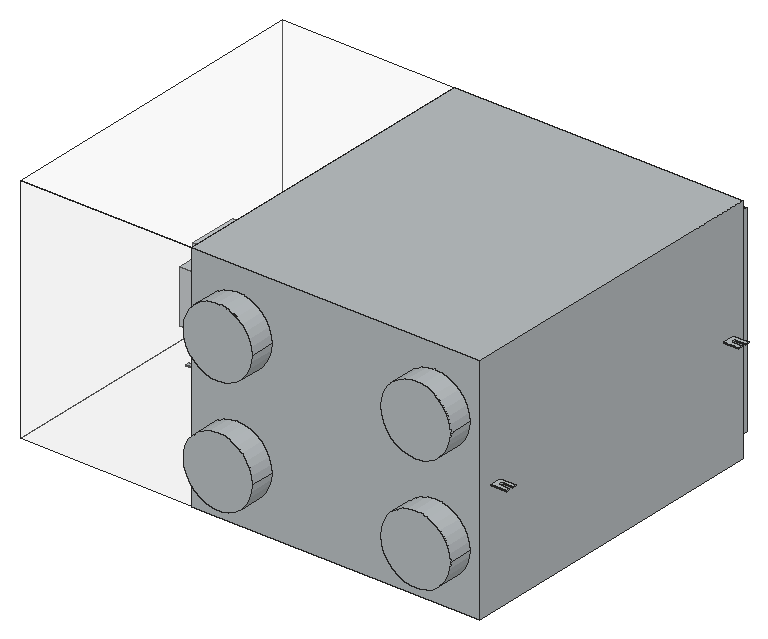
Revit family "lgh-n150_200rxv2d-c_60Hz", category 機械設備, Revit 2019
Family settings
  丸型コネクタ寸法 = 直径を使用
  パーツ タイプ = 標準
  OmniClass 番号 = 23.75.10.34.21
  OmniClass タイトル = Heat Exchangers for Ventilation Air
  作業面ベース = いいえ
  常に垂直 = はい
  ロード時にボイドで切り取り = いいえ
  共有 = いいえ
  部屋計算ポイント = はい
Parameters (values of type "LGH-N150RXV2D-C")
  騒音レベル(dB(A)) = 38.5
  風量 = 1500.0 m³/h
  面風速 = 8.5 m/s
  電源種別 [instance] = "一般"
  電圧 = 200 V
  電動機出力 = 0 W
  集中コントローラ = ""
  運転質量 = 0.00 kg
  連動 [instance] = ""
  質量 = if(製品質量 > 運転質量, 製品質量, 運転質量) * 1.2  # 128.40 kg
  負荷分類 = 3_ファン類
  説明 = "業務用ロスナイ 天井埋込形 DCマイコン CO2センサー付"
  設計風量 = 0.0 m³/h
  設置方法 = "天井吊(隠ぺい)形"
  記号 [instance] = ""
  製造元 = "三菱電機株式会社"
  製品質量 = 107.00 kg
  製品出荷対象 = "国内"
  製品リリース年月 = "2023/5/15"
  製品グループ = ""
  系統 [instance] = ""
  符号 = "HEU"
  積算_科目 = "1 空気調和設備"
  積算_拾い区分 [instance] = ""
  相 = 1
  盤記号 [instance] = ""
  発停方法 [instance] = ""
  特殊仕様 [instance] = ""
  点検口高さ = -Height  # -808 mm
  点検口離隔 = 150 mm
  点検口_Depth = 450 mm
  点検口 = yes
  火災停止 [instance] = ""
  温度交換効率 = 74.00%
  消費電力 = 900 W
  法定耐用年数 = "15"
  機外静圧_排気 = 275.0 Pa
  機外静圧 = 275.0 Pa
  極数 = 3
  材質 [instance] = ""
  本体マテリアル = 溶融亜鉛めっき鋼板
  操作・制御方式 = ""
  操作・制御スイッチ = ""
  排気量 = 0.0 m³/h
  形式 = "天井埋込ダクト形"
  幹線記号 [instance] = ""
  対象室 [instance] = ""
  実風量 = 0.0 m³/h
  始動方式 [instance] = "直入"
  天吊金具_径 = 15 mm
  天吊金具_幅 = 30 mm
  外気量 = 0.0 m³/h
  呼称 = "全熱交換ユニット"
  周波数 = 60 Hz
  天吊金具ピッチ2 = 1015 mm
  天吊金具ピッチ1 = 1057 mm
  天吊金具_高さ = 404 mm
  参照している仕様書等のバージョン = ""
  初期抵抗 = 0.0 Pa
  分類コード = "50052504100070"
  分類グループ = ""
  価格 = 1755000
  企業コード = "108420"
  付属品_フィルター_還気 = ""
  付属品_フィルター = ""
  付属品 [instance] = ""
  仕様書バージョン = "Version1.0"
  モデル = "LGH-N150RXV2D-C"
  メンテナンススペース = yes
  ダクト高 = 700 mm
  ダクト径 = 250 mm
  ダクト幅 = 270 mm
  コメント [instance] = ""
  Keynote = ""
  エンタルピ交換効率_暖房 = 76.00%
  エンタルピ交換効率_冷房 = 66.00%
  Assembly Code = ""
  Width = 1004 mm
  Version = ""
  Uniclass2015Version = "Systems v1.9"
  Uniclass2015Title = "Thermal wheels"
  Uniclass2015Code = "Pr_60_60_36_88"
  URL = "https://www.mitsubishielectric.co.jp/ldg/wink/qr/002/324425/"
  SpecificationReference = ""
  SpecificationDescription = ""
  Sensor_Width = 184 mm
  Sensor_D = 176 mm
  Sensor_Height = 183 mm
  Sensor_H = 201 mm
  Sensor_Depth = 115 mm
  SMAX風量 = 1500.0 m³/h
  SMAX静圧 = 275.0 Pa
  SAサイズ_D = 242 mm
  Revision = ""
  RAサイズ_D = 242 mm
  ProductInformation = ""
  OmniClassCode = "23-27 23 19 11"
  OAサイズ_W = 270 mm
  OAサイズ_D = 700 mm
  MIN風量 = 660.0 m³/h
  MIN静圧 = 47.0 Pa
  MID風量 = 1080.0 m³/h
  MID静圧 = 127.0 Pa
  MAX風量 = 1500.0 m³/h
  MAX静圧 = 245.0 Pa
  IfcTypeProduct = ""
  IfcProduct = ""
  IfcExportType = "ROTARYWHEEL"
  IfcExportAs = "IfcAirToAirHeatRecoveryType"
  Height = 808 mm
  EAサイズ_W = 270 mm
  EAサイズ_D = 700 mm
  Duct_Pitch = 690 mm
  Duct_Height = 202 mm
  Duct_Depth_SA_RA = 84 mm
  Duct_Depth_OA_EA = 49 mm
  Depth = 1144 mm
  Clearance Top = 0 mm
  Clearance Left = 600 mm
  Clearance Bottom = 0 mm
  Box_Width = 115 mm
  Box_Height = 669 mm
  Box_H = 88 mm
  Box_Depth = 175 mm
  Box_D = 145 mm
  Author = "三菱電機株式会社"
Types (2, lengths in mm): name | 騒音レベル(dB(A)) | 風量 | 面風速 | 質量 | 製品質量 | 温度交換効率 | 消費電力 | 機外静圧_排気 | 機外静圧 | 天吊金具ピッチ1 | 価格 | モデル | エンタルピ交換効率_暖房 | エンタルピ交換効率_冷房 | Width | URL | SMAX風量 | SMAX静圧 | MIN風量 | MIN静圧 | MID風量 | MID静圧 | MAX風量 | MAX静圧 | Duct_Pitch
  LGH-N150RXV2D-C | 38.5 | 1500.0 m³/h | 8.5 m/s | 128.40 kg | 107.00 kg | 74.00% | 900 W | 275.0 Pa | 275.0 Pa | 1057 | 1755000 | "LGH-N150RXV2D-C" | 76.00% | 66.00% | 1004 | "https://www.mitsubishielectric.co.jp/ldg/wink/qr/002/324425/" | 1500.0 m³/h | 275.0 Pa | 660.0 m³/h | 47.0 Pa | 1080.0 m³/h | 127.0 Pa | 1500.0 m³/h | 245.0 Pa | 690
  LGH-N200RXV2D-C | 41 | 2000.0 m³/h | 11.3 m/s | 140.40 kg | 117.00 kg | 73.00% | 1160 W | 225.0 Pa | 225.0 Pa | 1284 | 1951000 | "LGH-N200RXV2D-C" | 75.00% | 65.00% | 1231 | "https://www.mitsubishielectric.co.jp/ldg/wink/qr/002/324427/" | 2000.0 m³/h | 225.0 Pa | 880.0 m³/h | 32.0 Pa | 1440.0 m³/h | 86.0 Pa | 2000.0 m³/h | 165.0 Pa | 917
Reference planes
  plane 1 "中心(正面/背面)": y = 0
  plane 2: z = 0
  plane 3 "中心(左/右)": x = 0
  plane 4: x = -502
  plane 5: x = 502
  plane 6: y = 572
  plane 7: y = -572
  plane 8: z = -808
  plane 9: z = -202
  plane 10: x = -345
  plane 11: x = 345
  plane 12: y = -656
  plane 13: y = 621
  plane 14: x = -586
  plane 15: x = 586
  plane 16: x = -1102
  plane 17: y = -427
  plane 18: y = -252
  plane 19: z = -88
  plane 20: z = -757
  plane 21: x = -617
  plane 22: x = -652
  plane 23: y = 225
  plane 24: x = -528.5
  plane 25: x = 528.5
  plane 26: y = 507.5
  plane 27: y = -507.5
  plane 28: y = -225
  plane 29: x = -558.5
  plane 30: y = 527.5
  plane 31: y = 487.5
  plane 32: y = -487.5
  plane 33: y = -527.5
  plane 34: z = -5
  plane 35: z = -404
  plane 36: z = -407
  plane 37: x = 558.5
  plane 38: z = -404
  plane 39: x = 480
  plane 40: x = 210
  plane 41: x = -480
  plane 42: x = -210
  plane 43: z = -54
  plane 44: z = -754
  plane 45: z = -54
  plane 46: z = -754
  plane 47: z = -606
  plane 48: y = -396
  plane 49: y = -281
  plane 50: z = -201
  plane 51: z = -384
  plane 52: x = -686
  plane 53: z = 0
  plane 54: z = -808
Forms (mm)
  Extrusion 1, solid, material "溶融亜鉛めっき鋼板" <- "本体マテリアル", detail levels fine
    sketch origin (0, 0, 0) x (1, 0, 0) y (0, 1, 0)
      loop
        line (-502, 572) -> (-502, -572) -> (502, -572) -> (502, 572) -> (-502, 572)
    from 0 to -808
  Extrusion 2, solid, material "溶融亜鉛めっき鋼板" <- "本体マテリアル", detail levels fine
    sketch origin (502, -572, 0) x (-1, 0, 0) y (0, 0, -1)
      loop
        circle (847, 202) r 121
    from 0 to 84
  Extrusion 3, solid, material "溶融亜鉛めっき鋼板" <- "本体マテリアル", detail levels fine
    sketch origin (510, -445, 0) x (-1, 0, 0) y (0, 0, -1)
      loop
        circle (165, 202) r 121
    from 127 to 211
  Extrusion 4, solid, material "溶融亜鉛めっき鋼板" <- "本体マテリアル", detail levels fine
    sketch origin (-502, -572, 0) x (0, 1, 0) y (0, 0, -1)
      loop
        line (320, 88) -> (320, 757) -> (145, 757) -> (145, 88) -> (320, 88)
    from 0 to 115
  Extrusion 5, solid, material "溶融亜鉛めっき鋼板" <- "本体マテリアル", detail levels fine
    sketch origin (0, 0, 0) x (1, 0, 0) y (0, 1, 0)
      loop
        line (-558.5, 527.5) -> (-558.5, 515) -> (-528.5, 515)
        arc (-528.5, 515) -> (-521, 507.5) -> (-528.5, 500) r 7.5
        line (-528.5, 500) -> (-558.5, 500) -> (-558.5, 487.5) -> (-502, 487.5) -> (-502, 527.5) -> (-558.5, 527.5)
    from -404 to -407
  Extrusion 6, solid, material "溶融亜鉛めっき鋼板" <- "本体マテリアル", detail levels fine
    sketch origin (0, 0, 0) x (1, 0, 0) y (0, 1, 0)
      loop
        line (-558.5, -527.5) -> (-502, -527.5) -> (-502, -487.5) -> (-558.5, -487.5) -> (-558.5, -500) -> (-528.5, -500)
        arc (-528.5, -500) -> (-521, -507.5) -> (-528.5, -515) r 7.5
        line (-528.5, -515) -> (-558.5, -515) -> (-558.5, -527.5)
    from -404 to -407
  Extrusion 7, solid, material "溶融亜鉛めっき鋼板" <- "本体マテリアル", detail levels fine
    sketch origin (0, 0, 0) x (-1, 0, 0) y (0, -1, 0)
      loop
        line (-558.5, 527.5) -> (-558.5, 515) -> (-528.5, 515)
        arc (-528.5, 515) -> (-521, 507.5) -> (-528.5, 500) r 7.5
        line (-528.5, 500) -> (-558.5, 500) -> (-558.5, 487.5) -> (-502, 487.5) -> (-502, 527.5) -> (-558.5, 527.5)
    from -404 to -407
  Extrusion 8, solid, material "溶融亜鉛めっき鋼板" <- "本体マテリアル", detail levels fine
    sketch origin (0, 0, 0) x (-1, 0, 0) y (0, -1, 0)
      loop
        line (-558.5, -527.5) -> (-502, -527.5) -> (-502, -487.5) -> (-558.5, -487.5) -> (-558.5, -500) -> (-528.5, -500)
        arc (-528.5, -500) -> (-521, -507.5) -> (-528.5, -515) r 7.5
        line (-528.5, -515) -> (-558.5, -515) -> (-558.5, -527.5)
    from -404 to -407
  Extrusion 9, solid, material "溶融亜鉛めっき鋼板" <- "本体マテリアル", detail levels fine
    sketch origin (0, 0, 0) x (1, 0, 0) y (0, 0, 1)
      loop
        circle (-345, -606) r 121
    from 572 to 656
  Extrusion 10, solid, material "溶融亜鉛めっき鋼板" <- "本体マテリアル", detail levels fine
    sketch origin (0, 0, 0) x (1, 0, 0) y (0, 0, 1)
      loop
        circle (345, -606) r 121
    from 572 to 656
  Extrusion 11, solid, material "溶融亜鉛めっき鋼板" <- "本体マテリアル", detail levels fine
    sketch origin (0, 0, 0) x (1, 0, 0) y (0, 0, 1)
      loop
        line (480, -754) -> (480, -54) -> (210, -54) -> (210, -754) -> (480, -754)
    from -621 to -572
  Extrusion 12, solid, material "溶融亜鉛めっき鋼板" <- "本体マテリアル", detail levels fine
    sketch origin (0, 0, 0) x (1, 0, 0) y (0, 0, 1)
      loop
        line (-480, -754) -> (-210, -754) -> (-210, -54) -> (-480, -54) -> (-480, -754)
    from -621 to -572
  Extrusion 13, solid, material "溶融亜鉛めっき鋼板" <- "本体マテリアル", detail levels fine
    sketch origin (0, 0, 0) x (0, 1, 0) y (0, 0, 1)
      loop
        line (-281, -201) -> (-396, -201) -> (-396, -384) -> (-281, -384) -> (-281, -201)
    from -686 to -617
Lines and regions (mm)
  Masking region 1, detail levels coarse+medium
    outline origin (1326.5, 29, 0) x (1, 0, 0) y (0, 1, 0)
      loop
        line (-1828.5, 543) -> (-1828.5, -601) -> (-824.5, -601) -> (-824.5, 543) -> (-1828.5, 543)
  symbolic lines, detail levels coarse+medium
    curve 1: line (0, 572, 0) -> (-502, 0, 0)
    curve 2: line (-502, 0, 0) -> (0, -572, 0)
    curve 3: line (0, -572, 0) -> (502, 0, 0)
    curve 4: line (502, 0, 0) -> (0, 572, 0)
Dimensions and locks
  equal spacing: plane 4, plane 3 "中心(左/右)", plane 5
  "Width": plane 4 to plane 5
  equal spacing: plane 6, plane 1 "中心(正面/背面)", plane 7
  "Depth": plane 6 to plane 7
  "Height": level to plane 8
  "Duct_Height": level to plane 9
  equal spacing: plane 11, plane 3 "中心(左/右)", plane 10
  "Duct_Pitch": plane 11 to plane 10
  "Duct_Depth_OA_EA": plane 13 to plane 6
  "Duct_Depth_SA_RA": plane 7 to plane 12
  "Duct_Depth_SA_RA": plane 5 to plane 15
  "Duct_Depth_SA_RA": plane 14 to plane 4
  "Clearance Left": plane 16 to plane 4
  "Box_H": level to plane 19
  "Box_Height": plane 19 to plane 20
  "Box_D": plane 17 to plane 7
  "Box_Depth": plane 18 to plane 17
  "Box_Width": plane 21 to plane 4
  "点検口離隔": plane 22 to plane 4
  equal spacing: plane 24, plane 3 "中心(左/右)", plane 25
  "天吊金具ピッチ1": plane 24 to plane 25
  equal spacing: plane 26, plane 1 "中心(正面/背面)", plane 27
  "天吊金具ピッチ2": plane 26 to plane 27
  equal spacing: plane 23, plane 1 "中心(正面/背面)", plane 28
  "点検口_Depth": plane 23 to plane 28
  equal spacing: plane 30, plane 26, plane 31
  locked: plane 30 to plane 31 at 40
  "天吊金具_幅": plane 29 to plane 24
  "天吊金具_高さ": level to plane 35
  locked: plane 35 to plane 36 at 3
  equal spacing: plane 32, plane 27, plane 33
  locked: plane 32 to plane 33 at 40
  "天吊金具_幅": plane 25 to plane 37
  equal spacing: plane 8, plane 38, level
  equal spacing: plane 40, plane 11, plane 39
  "EAサイズ_W": plane 40 to plane 39
  equal spacing: plane 42, plane 10, plane 41
  "OAサイズ_W": plane 42 to plane 41
  equal spacing: plane 44, plane 38, plane 43
  "EAサイズ_D": plane 44 to plane 43
  "OAサイズ_D": plane 46 to plane 45
  equal spacing: plane 46, plane 38, plane 45
  "Duct_Height": plane 38 to plane 47
  "Sensor_D": plane 48 to plane 7
  "Sensor_Depth": plane 49 to plane 48
  "Sensor_H": level to plane 50
  "Sensor_Height": plane 50 to plane 51
  "Sensor_Width": plane 52 to plane 4
  "Clearance Bottom": plane 8 to plane 54
  "Clearance Top": plane 53 to level
  "RAサイズ_D": diameter of Extrusion 3 sketch curve
  "SAサイズ_D": diameter of Extrusion 9 sketch curve
  "RAサイズ_D": diameter of Extrusion 10 sketch curve
  "SAサイズ_D": diameter of Extrusion 2 sketch curve
  "天吊金具_径": diameter of Extrusion 6 sketch curve
  "天吊金具_径": diameter of Extrusion 5 sketch curve
  "天吊金具_径": diameter of Extrusion 8 sketch curve
  "天吊金具_径": diameter of Extrusion 7 sketch curve
  aligned and locked: level to plane 2
  aligned and locked: Extrusion 1 to plane 8
  aligned and locked: Extrusion 2 to plane 12
  aligned and locked: plane 7 to Extrusion 2
  aligned and locked: plane 7 to Extrusion 3
  aligned and locked: Extrusion 3 to plane 12
  aligned and locked: plane 16 to nested 1
  aligned and locked: plane 4 to nested 1
  aligned and locked: nested 1 to plane 6
  aligned and locked: nested 1 to plane 7
  aligned and locked: Extrusion 4 to plane 21
  aligned and locked: plane 4 to Extrusion 4
  aligned and locked: Masking region 1 to plane 4
  aligned and locked: plane 5 to Masking region 1
  aligned and locked: plane 6 to Masking region 1
  aligned and locked: Masking region 1 to plane 7
  aligned and locked: plane 25 to nested 2
  aligned and locked: plane 24 to nested 2
  aligned and locked: nested 2 to plane 27
  aligned and locked: plane 26 to nested 2
  aligned and locked: Extrusion 4 to plane 18
  aligned and locked: Extrusion 4 to plane 20
  aligned and locked: plane 19 to Extrusion 4
  aligned and locked: Extrusion 4 to plane 17
  aligned and locked: plane 22 to nested 3
  aligned and locked: plane 16 to nested 3
  aligned and locked: plane 23 to nested 3
  aligned and locked: nested 3 to plane 28
  aligned and locked: plane 29 to Extrusion 5 sketch curve  (x2)
  aligned and locked: Extrusion 5 sketch curve to plane 4
  aligned and locked: plane 31 to Extrusion 5 sketch curve
  aligned and locked: Extrusion 5 sketch curve to plane 30
  aligned and locked: Extrusion 5 to plane 35
  aligned and locked: Extrusion 5 to plane 36
  aligned and locked: Extrusion 6 sketch curve to plane 29  (x2)
  aligned and locked: plane 32 to Extrusion 6 sketch curve
  aligned and locked: Extrusion 6 sketch curve to plane 33
  aligned and locked: plane 4 to Extrusion 6 sketch curve
  aligned and locked: plane 35 to Extrusion 6
  aligned and locked: Extrusion 6 to plane 36
  aligned and locked: plane 37 to Extrusion 7 sketch curve  (x2)
  aligned and locked: Extrusion 7 sketch curve to plane 32
  aligned and locked: plane 33 to Extrusion 7 sketch curve
  aligned and locked: plane 5 to Extrusion 7 sketch curve
  aligned and locked: Extrusion 7 to plane 36
  aligned and locked: plane 35 to Extrusion 7
  aligned and locked: Extrusion 8 sketch curve to plane 37  (x2)
  aligned and locked: Extrusion 8 sketch curve to plane 31
  aligned and locked: plane 30 to Extrusion 8 sketch curve
  aligned and locked: Extrusion 8 sketch curve to plane 5
  aligned and locked: plane 35 to Extrusion 8
  aligned and locked: Extrusion 8 to plane 36
  aligned and locked: Extrusion 9 to plane 12
  aligned and locked: plane 7 to Extrusion 9
  aligned and locked: Extrusion 10 to plane 12
  aligned and locked: plane 7 to Extrusion 10
  aligned and locked: plane 44 to Extrusion 11 sketch curve
  aligned and locked: plane 39 to Extrusion 11 sketch curve
  aligned and locked: Extrusion 11 sketch curve to plane 43
  aligned and locked: Extrusion 11 sketch curve to plane 40
  aligned and locked: Extrusion 12 sketch curve to plane 46
  aligned and locked: Extrusion 12 sketch curve to plane 41
  aligned and locked: plane 45 to Extrusion 12 sketch curve
  aligned and locked: plane 42 to Extrusion 12 sketch curve
  aligned and locked: plane 13 to Extrusion 12
  aligned and locked: Extrusion 12 to plane 6
  aligned and locked: plane 13 to Extrusion 11
  aligned and locked: Extrusion 11 to plane 6
  aligned and locked: plane 50 to Extrusion 13 sketch curve
  aligned and locked: Extrusion 13 sketch curve to plane 49
  aligned and locked: Extrusion 13 sketch curve to plane 51
  aligned and locked: plane 48 to Extrusion 13 sketch curve
  aligned and locked: Extrusion 13 to Extrusion 4
  aligned and locked: plane 52 to Extrusion 13
  aligned and locked: plane 53 to nested 1
  aligned and locked: plane 54 to nested 1
Automatic sketch dimensions
  plane 1 "中心(正面/背面)" to curve 1 = 0 mm
  curve 1 to plane 4 = 0 mm
  curve 2 to plane 3 "中心(左/右)" = 0 mm
  curve 4 to plane 3 "中心(左/右)" = 0 mm
  plane 1 "中心(正面/背面)" to curve 4 = 0 mm
  curve 4 to plane 5 = 0 mm
  curve 2 to plane 7 = 0 mm
  curve 4 to plane 6 = 0 mm
  Extrusion 1 sketch curve to plane 4 = 0 mm
  Extrusion 1 sketch curve to plane 5 = 0 mm
  Extrusion 1 sketch curve to plane 7 = 0 mm
  Extrusion 1 sketch curve to plane 6 = 0 mm
  Extrusion 3 sketch curve to plane 9 = 0 mm
  Extrusion 3 sketch curve to plane 11 = 0 mm
  Extrusion 4 sketch curve to Extrusion 1 = 145 mm
  Extrusion 1 to Extrusion 4 sketch curve = 51 mm
  Extrusion 4 sketch curve to Extrusion 4 sketch curve = 175 mm
  Extrusion 1 to Extrusion 4 sketch curve = 88 mm
  Masking region 1 sketch curve to plane 4 = 0 mm
  Masking region 1 sketch curve to plane 5 = 0 mm
  Masking region 1 sketch curve to plane 7 = 0 mm
  Masking region 1 sketch curve to plane 6 = 0 mm
  Extrusion 9 sketch curve to plane 10 = 0 mm
  Extrusion 9 sketch curve to plane 47 = 0 mm
  Extrusion 10 sketch curve to plane 11 = 0 mm
  Extrusion 10 sketch curve to plane 47 = 0 mm
  Extrusion 1 to Extrusion 2 sketch curve = 157 mm
  Extrusion 1 to Extrusion 2 sketch curve = 202 mm
  Extrusion 5 sketch curve to plane 24 = 0 mm
  Extrusion 5 sketch curve to plane 26 = 0 mm
  Extrusion 6 sketch curve to plane 24 = 0 mm
  Extrusion 6 sketch curve to plane 27 = 0 mm
  Extrusion 7 sketch curve to plane 25 = 0 mm
  Extrusion 7 sketch curve to plane 27 = 0 mm
  Extrusion 8 sketch curve to plane 25 = 0 mm
  Extrusion 8 sketch curve to plane 26 = 0 mm
Nested families
  nested 1: "メンテナンススペース" at (-802, 0, -404), visible <- "メンテナンススペース", type "メンテナンススペース"
    with Width 600 mm, Height 808 mm, Depth 1144 mm
  nested 2: "固定点" at (-528.5, -507.5, 0), type "固定点"
    with W 1057 mm, D 1015 mm
  nested 3: "点検口設置範囲" at (-877, 0, -808), built-in parameter 1001364 <- "点検口高さ", visible <- "点検口", type "点検口設置範囲"
    with Width 450 mm, Depth 450 mm
Connectors
  hvac at (-345, -656, -202), driven by "ダクト径", driven by "機外静圧", driven by "風量"
    settings: on Extrusion 2, index 1, duct flow 1500.0 m³/h, flow factor 0, pres drop 275.0 Pa, loss coef 0, conn angle 0.00°, conn width 304.8 mm, conn height 304.8 mm, conn diameter 250 mm, duct sys type 1, conn prof type 0, flow config 0, flow direction 2, loss method 4, conn ref index -1, conn util no, is conn primary yes, conn desc ""
  hvac at (345, -656, -202), driven by "ダクト径", driven by "機外静圧", driven by "風量"
    settings: on Extrusion 3, index 2, duct flow 1500.0 m³/h, flow factor 0, pres drop 275.0 Pa, loss coef 0, conn angle 0.00°, conn width 304.8 mm, conn height 304.8 mm, conn diameter 250 mm, duct sys type 2, conn prof type 0, flow config 0, flow direction 1, loss method 4, conn ref index -1, conn util no, is conn primary no, conn desc ""
  electrical at (-559.5, -427, -422.5), driven by "負荷分類", driven by "極数", driven by "電圧", driven by "消費電力"
    settings: on Extrusion 4, index 7, voltage 200 V, apparent load 900 VA, apparent load phase1 0 VA, apparent load phase2 0 VA, apparent load phase3 0 VA, power factor 1, load classification "3_ファン類", number of poles 3, system type 30, power factor state 1, is connector primary yes, connector utility no, sub classification motor no, connector description ""
  hvac at (-345, -656, -606), driven by "ダクト径", driven by "機外静圧", driven by "風量"
    settings: on Extrusion 9, index 8, duct flow 1500.0 m³/h, flow factor 0, pres drop 275.0 Pa, loss coef 0, conn angle 0.00°, conn width 304.8 mm, conn height 304.8 mm, conn diameter 250 mm, duct sys type 1, conn prof type 0, flow config 0, flow direction 2, loss method 4, conn ref index -1, conn util no, is conn primary no, conn desc ""
  hvac at (345, -656, -606), driven by "ダクト径", driven by "機外静圧", driven by "風量"
    settings: on Extrusion 10, index 9, duct flow 1500.0 m³/h, flow factor 0, pres drop 275.0 Pa, loss coef 0, conn angle 0.00°, conn width 304.8 mm, conn height 304.8 mm, conn diameter 250 mm, duct sys type 2, conn prof type 0, flow config 0, flow direction 1, loss method 4, conn ref index -1, conn util no, is conn primary no, conn desc ""
  hvac at (345, 621, -404), driven by "ダクト高", driven by "ダクト幅", driven by "機外静圧_排気", driven by "排気量"
    settings: on Extrusion 11, index 10, duct flow 0.0 m³/h, flow factor 0, pres drop 275.0 Pa, loss coef 0, conn angle 0.00°, conn width 270 mm, conn height 700 mm, conn diameter 609.6 mm, duct sys type 3, conn prof type 1, flow config 0, flow direction 2, loss method 4, conn ref index -1, conn util no, is conn primary no, conn desc ""
  hvac at (-345, 621, -404), driven by "ダクト幅", driven by "ダクト高", driven by "機外静圧", driven by "風量"
    settings: on Extrusion 12, index 11, duct flow 1500.0 m³/h, flow factor 0, pres drop 275.0 Pa, loss coef 0, conn angle 0.00°, conn width 270 mm, conn height 700 mm, conn diameter 609.6 mm, duct sys type 4, conn prof type 1, flow config 0, flow direction 1, loss method 4, conn ref index -1, conn util no, is conn primary no, conn desc ""
Definition of nested family "メンテナンススペース"
  Parameters (values of type "メンテナンススペース")
    Width [instance] = 500 mm
    Height [instance] = 500 mm
    Depth [instance] = 500 mm
  Reference planes
    plane 1 "中心(正面/背面)": y = 0
    plane 2: z = 0
    plane 3 "中心(左/右)": x = 0
    plane 4: y = -250
    plane 5: x = 250
    plane 6: y = 250
    plane 7: x = -250
    plane 8: z = 250
    plane 9: z = -250
  Forms (mm)
    Extrusion 1, solid
      sketch origin (-638.939, 0, 72.39) x (1, 0, 0) y (0, 1, 0)
        loop
          line (388.939, 250) -> (388.939, -250) -> (888.939, -250) -> (888.939, 250) -> (388.939, 250)
      from -322.39 to 177.61
  Lines and regions (mm)
    symbolic lines
      curve 1: line (-250, 0, 250) -> (250, 0, 250)
      curve 2: line (-250, 0, -250) -> (-250, 0, 250)
      curve 3: line (250, 0, -250) -> (-250, 0, -250)
      curve 4: line (250, 0, 250) -> (250, 0, -250)
      curve 5: line (0, -250, 250) -> (0, 250, 250)
      curve 6: line (0, -250, -250) -> (0, -250, 250)
      curve 7: line (0, 250, -250) -> (0, -250, -250)
      curve 8: line (0, 250, 250) -> (0, 250, -250)
      curve 9: line (-250, 250, 0) -> (250, 250, 0)
      curve 10: line (-250, -250, 0) -> (-250, 250, 0)
      curve 11: line (250, -250, 0) -> (-250, -250, 0)
      curve 12: line (250, 250, 0) -> (250, -250, 0)
  Dimensions and locks
    equal spacing: plane 7, plane 3 "中心(左/右)", plane 5
    equal spacing: plane 4, plane 1 "中心(正面/背面)", plane 6
    "Depth": plane 4 to plane 6
    "Width": plane 7 to plane 5
    equal spacing: plane 8, plane 2, plane 9
    "Height": plane 8 to plane 9
    aligned and locked: plane 9 to curve 3
    aligned and locked: plane 7 to curve 2
    aligned and locked: curve 4 to plane 5
    aligned and locked: plane 5 to Extrusion 1
    aligned and locked: Extrusion 1 to plane 7
    aligned and locked: Extrusion 1 to plane 9
    aligned and locked: plane 8 to Extrusion 1
    aligned and locked: plane 9 to curve 7
  Automatic sketch dimensions
    plane 4 to Extrusion 1 sketch curve = 0 mm
    Extrusion 1 sketch curve to plane 7 = 0 mm
    Extrusion 1 sketch curve to plane 5 = 0 mm
    plane 6 to Extrusion 1 sketch curve = 0 mm
    curve 2 to plane 8 = 0 mm
    plane 4 to curve 11 = 0 mm
    curve 11 to plane 7 = 0 mm
    curve 11 to plane 5 = 0 mm
    plane 6 to curve 10 = 0 mm
    curve 7 to plane 4 = 0 mm
    curve 7 to plane 6 = 0 mm
    curve 6 to plane 8 = 0 mm
Definition of nested family "固定点"
  Parameters (values of type "固定点")
    中心円 = 20 mm
    W [instance] = 1000 mm
    D [instance] = 1000 mm
  Reference planes
    plane 1 "中心(正面/背面)": y = 0
    plane 2: z = 0
    plane 3 "中心(左/右)": x = 0
    plane 4: x = 1000
    plane 5: y = 1000
  Lines and regions (mm)
    symbolic lines, detail levels fine
      curve 1: circle (0, 1000, 0) r 10 normal (0, 0, 1)
      curve 2: circle (0, 0, 0) r 10 normal (0, 0, 1)
      curve 3: circle (1000, 1000, 0) r 10 normal (0, 0, 1)
      curve 4: circle (1000, 0, 0) r 10 normal (0, 0, 1)
      curve 5: line (-200, 1000, 0) -> (1200, 1000, 0)
      curve 6: line (-200, 0, 0) -> (1200, 0, 0)
      curve 7: line (0, 1200, 0) -> (0, -200, 0)
      curve 8: line (1000, 1200, 0) -> (1000, -200, 0)
  Dimensions and locks
    "W": plane 3 "中心(左/右)" to plane 4
    "D": plane 1 "中心(正面/背面)" to plane 5
    "中心円": diameter of curve 1
    "中心円": diameter of curve 2
    "中心円": diameter of curve 3
    "中心円": diameter of curve 4
    aligned and locked: level to plane 2
    aligned and locked: plane 5 to curve 1
    aligned and locked: plane 3 "中心(左/右)" to curve 1
    aligned and locked: plane 3 "中心(左/右)" to curve 2
    aligned and locked: plane 1 "中心(正面/背面)" to curve 2
    aligned and locked: plane 4 to curve 3
    aligned and locked: plane 5 to curve 3
    aligned and locked: plane 1 "中心(正面/背面)" to curve 4
    aligned and locked: plane 4 to curve 4
    aligned and locked: plane 1 "中心(正面/背面)" to curve 6
    aligned and locked: curve 7 to plane 3 "中心(左/右)"
    aligned and locked: curve 8 to plane 4
  Automatic sketch dimensions
    curve 5 to plane 5 = 0 mm
    curve 6 to plane 3 "中心(左/右)" = 200 mm
    curve 5 to plane 3 "中心(左/右)" = 200 mm
    curve 4 to curve 6 = 200 mm
    curve 3 to curve 5 = 200 mm
    plane 1 "中心(正面/背面)" to curve 8 = 200 mm
    plane 1 "中心(正面/背面)" to curve 7 = 200 mm
    curve 3 to curve 8 = 200 mm
    curve 1 to curve 7 = 200 mm
Definition of nested family "点検口設置範囲"
  Parameters (values of type "点検口設置範囲")
    Width [instance] = 1000 mm
    Depth [instance] = 700 mm
  Reference planes
    plane 1 "中心(正面/背面)": y = 0
    plane 2: z = 0
    plane 3 "中心(左/右)": x = 0
    plane 4: x = -500
    plane 5: x = 500
    plane 6: y = -350
    plane 7: y = 350
  Lines and regions (mm)
    model lines
      curve 1: line (-500, 350, 0) -> (500, 350, 0)
      curve 2: line (-500, -350, 0) -> (-500, 350, 0)
      curve 3: line (500, -350, 0) -> (-500, -350, 0)
      curve 4: line (500, 350, 0) -> (500, -350, 0)
  Dimensions and locks
    "Depth": plane 7 to plane 6
    "Width": plane 4 to plane 5
    equal spacing: plane 7, plane 1 "中心(正面/背面)", plane 6
    equal spacing: plane 4, plane 3 "中心(左/右)", plane 5
    aligned and locked: level to plane 2
    aligned and locked: plane 4 to curve 2
    aligned and locked: curve 1 to plane 7
    aligned and locked: curve 4 to plane 5
    aligned and locked: plane 6 to curve 3
